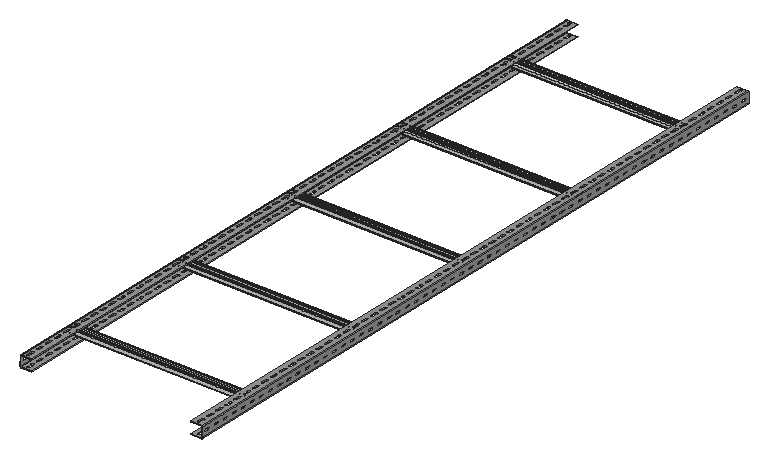
Revit family "steigeleiter_8_FT_FTSO_FTK_A2_A4.800rfa", category Generic Models, Revit 2017 (continued)
Forms (mm)
  Extrusion 306, void
    sketch origin (0, 250, 0) x (0, 1, 0) y (0, 0, 1)
      loop
        line (15.5, 19.5) -> (34.5, 19.5)
        arc (34.5, 19.5) -> (40, 25) -> (34.5, 30.5) r 5.5
        line (34.5, 30.5) -> (15.5, 30.5)
    from 397.5 to 400
  Extrusion 307, void
    sketch origin (0, 300, 0) x (0, 1, 0) y (0, 0, 1)
      loop
        arc (15.5, 30.5) -> (10, 25) -> (15.5, 19.5) r 5.5
        line (15.5, 19.5) -> (34.5, 19.5)
        arc (34.5, 19.5) -> (40, 25) -> (34.5, 30.5) r 5.5
        line (34.5, 30.5) -> (15.5, 30.5)
    from 397.5 to 400
  Extrusion 308, void
    sketch origin (0, 350, 0) x (0, 1, 0) y (0, 0, 1)
      loop
        arc (15.5, 30.5) -> (10, 25) -> (15.5, 19.5) r 5.5
        line (15.5, 19.5) -> (34.5, 19.5)
        arc (34.5, 19.5) -> (40, 25) -> (34.5, 30.5) r 5.5
        line (34.5, 30.5) -> (15.5, 30.5)
    from 397.5 to 400
  Extrusion 309, void
    sketch origin (0, 400, 0) x (0, 1, 0) y (0, 0, 1)
      loop
        arc (15.5, 30.5) -> (10, 25) -> (15.5, 19.5) r 5.5
        line (15.5, 19.5) -> (34.5, 19.5)
        arc (34.5, 19.5) -> (40, 25) -> (34.5, 30.5) r 5.5
        line (34.5, 30.5) -> (15.5, 30.5)
    from 397.5 to 400
  Extrusion 310, void
    sketch origin (0, 450, 0) x (0, 1, 0) y (0, 0, 1)
      loop
        arc (15.5, 30.5) -> (10, 25) -> (15.5, 19.5) r 5.5
        line (15.5, 19.5) -> (34.5, 19.5)
        arc (34.5, 19.5) -> (40, 25) -> (34.5, 30.5) r 5.5
        line (34.5, 30.5) -> (15.5, 30.5)
    from 397.5 to 400
  Extrusion 311, void
    sketch origin (0, 500, 0) x (0, 1, 0) y (0, 0, 1)
      loop
        arc (15.5, 30.5) -> (10, 25) -> (15.5, 19.5) r 5.5
        line (15.5, 19.5) -> (34.5, 19.5)
        arc (34.5, 19.5) -> (40, 25) -> (34.5, 30.5) r 5.5
        line (34.5, 30.5) -> (15.5, 30.5)
    from 397.5 to 400
  Extrusion 312, void
    sketch origin (0, 550, 0) x (0, 1, 0) y (0, 0, 1)
      loop
        arc (15.5, 30.5) -> (10, 25) -> (15.5, 19.5) r 5.5
        line (15.5, 19.5) -> (34.5, 19.5)
        arc (34.5, 19.5) -> (40, 25) -> (34.5, 30.5) r 5.5
        line (34.5, 30.5) -> (15.5, 30.5)
    from 397.5 to 400
  Extrusion 313, void
    sketch origin (0, 600, 0) x (0, 1, 0) y (0, 0, 1)
      loop
        arc (15.5, 30.5) -> (10, 25) -> (15.5, 19.5) r 5.5
        line (15.5, 19.5) -> (34.5, 19.5)
        arc (34.5, 19.5) -> (40, 25) -> (34.5, 30.5) r 5.5
        line (34.5, 30.5) -> (15.5, 30.5)
    from 397.5 to 400
  Extrusion 314, void
    sketch origin (0, 650, 0) x (0, 1, 0) y (0, 0, 1)
      loop
        arc (15.5, 30.5) -> (10, 25) -> (15.5, 19.5) r 5.5
        line (15.5, 19.5) -> (34.5, 19.5)
        arc (34.5, 19.5) -> (40, 25) -> (34.5, 30.5) r 5.5
        line (34.5, 30.5) -> (15.5, 30.5)
    from 397.5 to 400
  Extrusion 315, void
    sketch origin (0, 700, 0) x (0, 1, 0) y (0, 0, 1)
      loop
        arc (15.5, 30.5) -> (10, 25) -> (15.5, 19.5) r 5.5
        line (15.5, 19.5) -> (34.5, 19.5)
        arc (34.5, 19.5) -> (40, 25) -> (34.5, 30.5) r 5.5
        line (34.5, 30.5) -> (15.5, 30.5)
    from 397.5 to 400
  Extrusion 316, void
    sketch origin (0, 750, 0) x (0, 1, 0) y (0, 0, 1)
      loop
        arc (15.5, 30.5) -> (10, 25) -> (15.5, 19.5) r 5.5
        line (15.5, 19.5) -> (34.5, 19.5)
        arc (34.5, 19.5) -> (40, 25) -> (34.5, 30.5) r 5.5
        line (34.5, 30.5) -> (15.5, 30.5)
    from 397.5 to 400
  Extrusion 317, void
    sketch origin (0, 800, 0) x (0, 1, 0) y (0, 0, 1)
      loop
        arc (15.5, 30.5) -> (10, 25) -> (15.5, 19.5) r 5.5
        line (15.5, 19.5) -> (34.5, 19.5)
        arc (34.5, 19.5) -> (40, 25) -> (34.5, 30.5) r 5.5
        line (34.5, 30.5) -> (15.5, 30.5)
    from 397.5 to 400
  Extrusion 318, void
    sketch origin (0, 900, 0) x (0, 1, 0) y (0, 0, 1)
      loop
        arc (15.5, 30.5) -> (10, 25) -> (15.5, 19.5) r 5.5
        line (15.5, 19.5) -> (34.5, 19.5)
        arc (34.5, 19.5) -> (40, 25) -> (34.5, 30.5) r 5.5
        line (34.5, 30.5) -> (15.5, 30.5)
    from 397.5 to 400
  Extrusion 319, void
    sketch origin (0, 950, 0) x (0, 1, 0) y (0, 0, 1)
      loop
        arc (15.5, 30.5) -> (10, 25) -> (15.5, 19.5) r 5.5
        line (15.5, 19.5) -> (34.5, 19.5)
        arc (34.5, 19.5) -> (40, 25) -> (34.5, 30.5) r 5.5
        line (34.5, 30.5) -> (15.5, 30.5)
    from 397.5 to 400
  Extrusion 320, void
    sketch origin (0, 1000, 0) x (0, 1, 0) y (0, 0, 1)
      loop
        arc (15.5, 30.5) -> (10, 25) -> (15.5, 19.5) r 5.5
        line (15.5, 19.5) -> (34.5, 19.5)
        arc (34.5, 19.5) -> (40, 25) -> (34.5, 30.5) r 5.5
        line (34.5, 30.5) -> (15.5, 30.5)
    from 397.5 to 400
  Extrusion 321, void
    sketch origin (0, 1050, 0) x (0, 1, 0) y (0, 0, 1)
      loop
        arc (15.5, 30.5) -> (10, 25) -> (15.5, 19.5) r 5.5
        line (15.5, 19.5) -> (34.5, 19.5)
        arc (34.5, 19.5) -> (40, 25) -> (34.5, 30.5) r 5.5
        line (34.5, 30.5) -> (15.5, 30.5)
    from 397.5 to 400
  Extrusion 322, void
    sketch origin (0, 1100, 0) x (0, 1, 0) y (0, 0, 1)
      loop
        arc (15.5, 30.5) -> (10, 25) -> (15.5, 19.5) r 5.5
        line (15.5, 19.5) -> (34.5, 19.5)
        arc (34.5, 19.5) -> (40, 25) -> (34.5, 30.5) r 5.5
        line (34.5, 30.5) -> (15.5, 30.5)
    from 397.5 to 400
  Extrusion 323, void
    sketch origin (0, 1150, 0) x (0, 1, 0) y (0, 0, 1)
      loop
        arc (15.5, 30.5) -> (10, 25) -> (15.5, 19.5) r 5.5
        line (15.5, 19.5) -> (34.5, 19.5)
        arc (34.5, 19.5) -> (40, 25) -> (34.5, 30.5) r 5.5
        line (34.5, 30.5) -> (15.5, 30.5)
    from 397.5 to 400
  Extrusion 324, void
    sketch origin (0, 1200, 0) x (0, 1, 0) y (0, 0, 1)
      loop
        arc (15.5, 30.5) -> (10, 25) -> (15.5, 19.5) r 5.5
        line (15.5, 19.5) -> (34.5, 19.5)
        arc (34.5, 19.5) -> (40, 25) -> (34.5, 30.5) r 5.5
        line (34.5, 30.5) -> (15.5, 30.5)
    from 397.5 to 400
  Extrusion 325, void
    sketch origin (0, 1250, 0) x (0, 1, 0) y (0, 0, 1)
      loop
        arc (15.5, 30.5) -> (10, 25) -> (15.5, 19.5) r 5.5
        line (15.5, 19.5) -> (34.5, 19.5)
        arc (34.5, 19.5) -> (40, 25) -> (34.5, 30.5) r 5.5
        line (34.5, 30.5) -> (15.5, 30.5)
    from 397.5 to 400
  Extrusion 326, void
    sketch origin (0, 1300, 0) x (0, 1, 0) y (0, 0, 1)
      loop
        arc (15.5, 30.5) -> (10, 25) -> (15.5, 19.5) r 5.5
        line (15.5, 19.5) -> (34.5, 19.5)
        arc (34.5, 19.5) -> (40, 25) -> (34.5, 30.5) r 5.5
        line (34.5, 30.5) -> (15.5, 30.5)
    from 397.5 to 400
  Extrusion 327, void
    sketch origin (0, 1350, 0) x (0, 1, 0) y (0, 0, 1)
      loop
        arc (15.5, 30.5) -> (10, 25) -> (15.5, 19.5) r 5.5
        line (15.5, 19.5) -> (34.5, 19.5)
        arc (34.5, 19.5) -> (40, 25) -> (34.5, 30.5) r 5.5
        line (34.5, 30.5) -> (15.5, 30.5)
    from 397.5 to 400
  Extrusion 328, void
    sketch origin (0, 1400, 0) x (0, 1, 0) y (0, 0, 1)
      loop
        arc (15.5, 30.5) -> (10, 25) -> (15.5, 19.5) r 5.5
        line (15.5, 19.5) -> (34.5, 19.5)
        arc (34.5, 19.5) -> (40, 25) -> (34.5, 30.5) r 5.5
        line (34.5, 30.5) -> (15.5, 30.5)
    from 397.5 to 400
  Extrusion 329, void
    sketch origin (0, 1450, 0) x (0, 1, 0) y (0, 0, 1)
      loop
        arc (15.5, 30.5) -> (10, 25) -> (15.5, 19.5) r 5.5
        line (15.5, 19.5) -> (34.5, 19.5)
        arc (34.5, 19.5) -> (40, 25) -> (34.5, 30.5) r 5.5
        line (34.5, 30.5) -> (15.5, 30.5)
    from 397.5 to 400
  Extrusion 330, void
    sketch origin (0, 1500, 0) x (0, 1, 0) y (0, 0, 1)
      loop
        arc (15.5, 30.5) -> (10, 25) -> (15.5, 19.5) r 5.5
        line (15.5, 19.5) -> (34.5, 19.5)
        arc (34.5, 19.5) -> (40, 25) -> (34.5, 30.5) r 5.5
        line (34.5, 30.5) -> (15.5, 30.5)
    from 397.5 to 400
  Extrusion 331, void
    sketch origin (0, 1550, 0) x (0, 1, 0) y (0, 0, 1)
      loop
        arc (15.5, 30.5) -> (10, 25) -> (15.5, 19.5) r 5.5
        line (15.5, 19.5) -> (34.5, 19.5)
        arc (34.5, 19.5) -> (40, 25) -> (34.5, 30.5) r 5.5
        line (34.5, 30.5) -> (15.5, 30.5)
    from 397.5 to 400
  Extrusion 332, void
    sketch origin (0, 1600, 0) x (0, 1, 0) y (0, 0, 1)
      loop
        arc (15.5, 30.5) -> (10, 25) -> (15.5, 19.5) r 5.5
        line (15.5, 19.5) -> (34.5, 19.5)
        arc (34.5, 19.5) -> (40, 25) -> (34.5, 30.5) r 5.5
        line (34.5, 30.5) -> (15.5, 30.5)
    from 397.5 to 400
  Extrusion 333, void
    sketch origin (0, 1650, 0) x (0, 1, 0) y (0, 0, 1)
      loop
        arc (15.5, 30.5) -> (10, 25) -> (15.5, 19.5) r 5.5
        line (15.5, 19.5) -> (34.5, 19.5)
        arc (34.5, 19.5) -> (40, 25) -> (34.5, 30.5) r 5.5
        line (34.5, 30.5) -> (15.5, 30.5)
    from 397.5 to 400
  Extrusion 334, void
    sketch origin (0, 1700, 0) x (0, 1, 0) y (0, 0, 1)
      loop
        arc (15.5, 30.5) -> (10, 25) -> (15.5, 19.5) r 5.5
        line (15.5, 19.5) -> (34.5, 19.5)
        arc (34.5, 19.5) -> (40, 25) -> (34.5, 30.5) r 5.5
        line (34.5, 30.5) -> (15.5, 30.5)
    from 397.5 to 400
  Extrusion 335, void
    sketch origin (0, 1750, 0) x (0, 1, 0) y (0, 0, 1)
      loop
        arc (15.5, 30.5) -> (10, 25) -> (15.5, 19.5) r 5.5
        line (15.5, 19.5) -> (34.5, 19.5)
        arc (34.5, 19.5) -> (40, 25) -> (34.5, 30.5) r 5.5
        line (34.5, 30.5) -> (15.5, 30.5)
    from 397.5 to 400
  Extrusion 336, void
    sketch origin (0, 1800, 0) x (0, 1, 0) y (0, 0, 1)
      loop
        arc (15.5, 30.5) -> (10, 25) -> (15.5, 19.5) r 5.5
        line (15.5, 19.5) -> (34.5, 19.5)
        arc (34.5, 19.5) -> (40, 25) -> (34.5, 30.5) r 5.5
        line (34.5, 30.5) -> (15.5, 30.5)
    from 397.5 to 400
  Extrusion 337, void
    sketch origin (0, 1850, 0) x (0, 1, 0) y (0, 0, 1)
      loop
        arc (15.5, 30.5) -> (10, 25) -> (15.5, 19.5) r 5.5
        line (15.5, 19.5) -> (34.5, 19.5)
        arc (34.5, 19.5) -> (40, 25) -> (34.5, 30.5) r 5.5
        line (34.5, 30.5) -> (15.5, 30.5)
    from 397.5 to 400
  Extrusion 338, void
    sketch origin (0, 1900, 0) x (0, 1, 0) y (0, 0, 1)
      loop
        arc (15.5, 30.5) -> (10, 25) -> (15.5, 19.5) r 5.5
        line (15.5, 19.5) -> (34.5, 19.5)
        arc (34.5, 19.5) -> (40, 25) -> (34.5, 30.5) r 5.5
        line (34.5, 30.5) -> (15.5, 30.5)
    from 397.5 to 400
  Extrusion 339, void
    sketch origin (0, 1950, 0) x (0, 1, 0) y (0, 0, 1)
      loop
        arc (15.5, 30.5) -> (10, 25) -> (15.5, 19.5) r 5.5
        line (15.5, 19.5) -> (34.5, 19.5)
        arc (34.5, 19.5) -> (40, 25) -> (34.5, 30.5) r 5.5
        line (34.5, 30.5) -> (15.5, 30.5)
    from 397.5 to 400
  Extrusion 340, void
    sketch origin (0, 2000, 0) x (0, 1, 0) y (0, 0, 1)
      loop
        arc (15.5, 30.5) -> (10, 25) -> (15.5, 19.5) r 5.5
        line (15.5, 19.5) -> (34.5, 19.5)
        arc (34.5, 19.5) -> (40, 25) -> (34.5, 30.5) r 5.5
        line (34.5, 30.5) -> (15.5, 30.5)
    from 397.5 to 400
  Extrusion 341, void
    sketch origin (0, 2050, 0) x (0, 1, 0) y (0, 0, 1)
      loop
        arc (15.5, 30.5) -> (10, 25) -> (15.5, 19.5) r 5.5
        line (15.5, 19.5) -> (34.5, 19.5)
        arc (34.5, 19.5) -> (40, 25) -> (34.5, 30.5) r 5.5
        line (34.5, 30.5) -> (15.5, 30.5)
    from 397.5 to 400
  Extrusion 342, void
    sketch origin (0, 2100, 0) x (0, 1, 0) y (0, 0, 1)
      loop
        arc (15.5, 30.5) -> (10, 25) -> (15.5, 19.5) r 5.5
        line (15.5, 19.5) -> (34.5, 19.5)
        arc (34.5, 19.5) -> (40, 25) -> (34.5, 30.5) r 5.5
        line (34.5, 30.5) -> (15.5, 30.5)
    from 397.5 to 400
  Extrusion 343, void
    sketch origin (0, 2150, 0) x (0, 1, 0) y (0, 0, 1)
      loop
        arc (15.5, 30.5) -> (10, 25) -> (15.5, 19.5) r 5.5
        line (15.5, 19.5) -> (34.5, 19.5)
        arc (34.5, 19.5) -> (40, 25) -> (34.5, 30.5) r 5.5
        line (34.5, 30.5) -> (15.5, 30.5)
    from 397.5 to 400
  Extrusion 344, void
    sketch origin (0, 2200, 0) x (0, 1, 0) y (0, 0, 1)
      loop
        arc (15.5, 30.5) -> (10, 25) -> (15.5, 19.5) r 5.5
        line (15.5, 19.5) -> (34.5, 19.5)
        arc (34.5, 19.5) -> (40, 25) -> (34.5, 30.5) r 5.5
        line (34.5, 30.5) -> (15.5, 30.5)
    from 397.5 to 400
  Extrusion 345, void
    sketch origin (0, 2250, 0) x (0, 1, 0) y (0, 0, 1)
      loop
        arc (15.5, 30.5) -> (10, 25) -> (15.5, 19.5) r 5.5
        line (15.5, 19.5) -> (34.5, 19.5)
        arc (34.5, 19.5) -> (40, 25) -> (34.5, 30.5) r 5.5
        line (34.5, 30.5) -> (15.5, 30.5)
    from 397.5 to 400
  Extrusion 346, void
    sketch origin (0, 2300, 0) x (0, 1, 0) y (0, 0, 1)
      loop
        arc (15.5, 30.5) -> (10, 25) -> (15.5, 19.5) r 5.5
        line (15.5, 19.5) -> (34.5, 19.5)
        arc (34.5, 19.5) -> (40, 25) -> (34.5, 30.5) r 5.5
        line (34.5, 30.5) -> (15.5, 30.5)
    from 397.5 to 400
  Extrusion 347, void
    sketch origin (0, 2350, 0) x (0, 1, 0) y (0, 0, 1)
      loop
        arc (15.5, 30.5) -> (10, 25) -> (15.5, 19.5) r 5.5
        line (15.5, 19.5) -> (34.5, 19.5)
        arc (34.5, 19.5) -> (40, 25) -> (34.5, 30.5) r 5.5
        line (34.5, 30.5) -> (15.5, 30.5)
    from 397.5 to 400
  Extrusion 348, void
    sketch origin (0, 2400, 0) x (0, 1, 0) y (0, 0, 1)
      loop
        arc (15.5, 30.5) -> (10, 25) -> (15.5, 19.5) r 5.5
        line (15.5, 19.5) -> (34.5, 19.5)
        arc (34.5, 19.5) -> (40, 25) -> (34.5, 30.5) r 5.5
        line (34.5, 30.5) -> (15.5, 30.5)
    from 397.5 to 400
  Extrusion 349, void
    sketch origin (0, 2450, 0) x (0, 1, 0) y (0, 0, 1)
      loop
        arc (15.5, 30.5) -> (10, 25) -> (15.5, 19.5) r 5.5
        line (15.5, 19.5) -> (34.5, 19.5)
        arc (34.5, 19.5) -> (40, 25) -> (34.5, 30.5) r 5.5
        line (34.5, 30.5) -> (15.5, 30.5)
    from 397.5 to 400
  Extrusion 350, void
    sketch origin (0, 2500, 0) x (0, 1, 0) y (0, 0, 1)
      loop
        arc (15.5, 30.5) -> (10, 25) -> (15.5, 19.5) r 5.5
        line (15.5, 19.5) -> (34.5, 19.5)
        arc (34.5, 19.5) -> (40, 25) -> (34.5, 30.5) r 5.5
        line (34.5, 30.5) -> (15.5, 30.5)
    from 397.5 to 400
  Extrusion 351, void
    sketch origin (0, 2550, 0) x (0, 1, 0) y (0, 0, 1)
      loop
        arc (15.5, 30.5) -> (10, 25) -> (15.5, 19.5) r 5.5
        line (15.5, 19.5) -> (34.5, 19.5)
        arc (34.5, 19.5) -> (40, 25) -> (34.5, 30.5) r 5.5
        line (34.5, 30.5) -> (15.5, 30.5)
    from 397.5 to 400
  Extrusion 352, void
    sketch origin (0, 2600, 0) x (0, 1, 0) y (0, 0, 1)
      loop
        arc (15.5, 30.5) -> (10, 25) -> (15.5, 19.5) r 5.5
        line (15.5, 19.5) -> (34.5, 19.5)
        arc (34.5, 19.5) -> (40, 25) -> (34.5, 30.5) r 5.5
        line (34.5, 30.5) -> (15.5, 30.5)
    from 397.5 to 400
  Extrusion 353, void
    sketch origin (0, 2650, 0) x (0, 1, 0) y (0, 0, 1)
      loop
        arc (15.5, 30.5) -> (10, 25) -> (15.5, 19.5) r 5.5
        line (15.5, 19.5) -> (34.5, 19.5)
        arc (34.5, 19.5) -> (40, 25) -> (34.5, 30.5) r 5.5
        line (34.5, 30.5) -> (15.5, 30.5)
    from 397.5 to 400
  Extrusion 354, void
    sketch origin (0, 2700, 0) x (0, 1, 0) y (0, 0, 1)
      loop
        arc (15.5, 30.5) -> (10, 25) -> (15.5, 19.5) r 5.5
        line (15.5, 19.5) -> (34.5, 19.5)
        arc (34.5, 19.5) -> (40, 25) -> (34.5, 30.5) r 5.5
        line (34.5, 30.5) -> (15.5, 30.5)
    from 397.5 to 400
  Extrusion 355, void
    sketch origin (0, 2750, 0) x (0, 1, 0) y (0, 0, 1)
      loop
        arc (15.5, 30.5) -> (10, 25) -> (15.5, 19.5) r 5.5
        line (15.5, 19.5) -> (34.5, 19.5)
        arc (34.5, 19.5) -> (40, 25) -> (34.5, 30.5) r 5.5
        line (34.5, 30.5) -> (15.5, 30.5)
    from 397.5 to 400
  Extrusion 356, void
    sketch origin (0, 2800, 0) x (0, 1, 0) y (0, 0, 1)
      loop
        arc (15.5, 30.5) -> (10, 25) -> (15.5, 19.5) r 5.5
        line (15.5, 19.5) -> (34.5, 19.5)
        arc (34.5, 19.5) -> (40, 25) -> (34.5, 30.5) r 5.5
        line (34.5, 30.5) -> (15.5, 30.5)
    from 397.5 to 400
  Extrusion 357, void
    sketch origin (0, 2850, 0) x (0, 1, 0) y (0, 0, 1)
      loop
        arc (15.5, 30.5) -> (10, 25) -> (15.5, 19.5) r 5.5
        line (15.5, 19.5) -> (34.5, 19.5)
        arc (34.5, 19.5) -> (40, 25) -> (34.5, 30.5) r 5.5
        line (34.5, 30.5) -> (15.5, 30.5)
    from 397.5 to 400
  Extrusion 358, void
    sketch origin (0, 2900, 0) x (0, 1, 0) y (0, 0, 1)
      loop
        arc (15.5, 30.5) -> (10, 25) -> (15.5, 19.5) r 5.5
        line (15.5, 19.5) -> (34.5, 19.5)
        arc (34.5, 19.5) -> (40, 25) -> (34.5, 30.5) r 5.5
        line (34.5, 30.5) -> (15.5, 30.5)
    from 397.5 to 400
  Extrusion 359, void
    sketch origin (0, 2950, 0) x (0, 1, 0) y (0, 0, 1)
      loop
        arc (15.5, 30.5) -> (10, 25) -> (15.5, 19.5) r 5.5
        line (15.5, 19.5) -> (34.5, 19.5)
        arc (34.5, 19.5) -> (40, 25) -> (34.5, 30.5) r 5.5
        line (34.5, 30.5) -> (15.5, 30.5)
    from 397.5 to 400
  Extrusion 360, void
    sketch origin (0, 0, 0) x (0, 1, 0) y (0, 0, 1)
      loop
        arc (15.5, 30.5) -> (10, 25) -> (15.5, 19.5) r 5.5
        line (15.5, 19.5) -> (34.5, 19.5)
        arc (34.5, 19.5) -> (40, 25) -> (34.5, 30.5) r 5.5
        line (34.5, 30.5) -> (15.5, 30.5)
    from 397.5 to 400
  Extrusion 361, solid
    sketch origin (0, 0, 0) x (0, 1, 0) y (0, 0, 1)
      loop
        arc (255.5, 43.5) -> (256.086, 44.914) -> (257.5, 45.5) r 2
        line (257.5, 45.5) -> (261.456, 45.5)
        arc (261.456, 45.5) -> (262.194, 45.194) -> (262.5, 44.456) r 1.044
        line (262.5, 44.456) -> (262.5, 42) -> (264.5, 42) -> (264.5, 44.456)
        arc (264.5, 44.456) -> (263.608, 46.608) -> (261.456, 47.5) r 3.044
        line (261.456, 47.5) -> (257.5, 47.5)
        arc (257.5, 47.5) -> (254.672, 46.328) -> (253.5, 43.5) r 4
        line (253.5, 43.5) -> (253.5, 29.002)
        arc (253.5, 29.002) -> (254.672, 26.172) -> (257.502, 25) r 4.002
        line (257.502, 25) -> (289.485, 25)
        arc (289.485, 25) -> (292.324, 26.176) -> (293.5, 29.015) r 4.015
        line (293.5, 29.015) -> (293.5, 43.5)
        arc (293.5, 43.5) -> (292.328, 46.328) -> (289.5, 47.5) r 4
        line (289.5, 47.5) -> (285.5, 47.5)
        arc (285.5, 47.5) -> (283.379, 46.621) -> (282.5, 44.5) r 3
        line (282.5, 44.5) -> (282.5, 42) -> (284.5, 42) -> (284.5, 44.5)
        arc (284.5, 44.5) -> (284.793, 45.207) -> (285.5, 45.5) r 1
        line (285.5, 45.5) -> (289.5, 45.5)
        arc (289.5, 45.5) -> (290.914, 44.914) -> (291.5, 43.5) r 2
        line (291.5, 43.5) -> (291.5, 29.015)
        arc (291.5, 29.015) -> (290.91, 27.59) -> (289.485, 27) r 2.015
        line (289.485, 27) -> (257.502, 27)
        arc (257.502, 27) -> (256.086, 27.586) -> (255.5, 29.002) r 2.002
        line (255.5, 29.002) -> (255.5, 43.5)
    from -397.5 to 397.5
  Extrusion 362, solid
    sketch origin (0, 600, 0) x (0, 1, 0) y (0, 0, 1)
      loop
        arc (255.5, 43.5) -> (256.086, 44.914) -> (257.5, 45.5) r 2
        line (257.5, 45.5) -> (261.456, 45.5)
        arc (261.456, 45.5) -> (262.194, 45.194) -> (262.5, 44.456) r 1.044
        line (262.5, 44.456) -> (262.5, 42) -> (264.5, 42) -> (264.5, 44.456)
        arc (264.5, 44.456) -> (263.608, 46.608) -> (261.456, 47.5) r 3.044
        line (261.456, 47.5) -> (257.5, 47.5)
        arc (257.5, 47.5) -> (254.672, 46.328) -> (253.5, 43.5) r 4
        line (253.5, 43.5) -> (253.5, 29.002)
        arc (253.5, 29.002) -> (254.672, 26.172) -> (257.502, 25) r 4.002
        line (257.502, 25) -> (289.485, 25)
        arc (289.485, 25) -> (292.324, 26.176) -> (293.5, 29.015) r 4.015
        line (293.5, 29.015) -> (293.5, 43.5)
        arc (293.5, 43.5) -> (292.328, 46.328) -> (289.5, 47.5) r 4
        line (289.5, 47.5) -> (285.5, 47.5)
        arc (285.5, 47.5) -> (283.379, 46.621) -> (282.5, 44.5) r 3
        line (282.5, 44.5) -> (282.5, 42) -> (284.5, 42) -> (284.5, 44.5)
        arc (284.5, 44.5) -> (284.793, 45.207) -> (285.5, 45.5) r 1
        line (285.5, 45.5) -> (289.5, 45.5)
        arc (289.5, 45.5) -> (290.914, 44.914) -> (291.5, 43.5) r 2
        line (291.5, 43.5) -> (291.5, 29.015)
        arc (291.5, 29.015) -> (290.91, 27.59) -> (289.485, 27) r 2.015
        line (289.485, 27) -> (257.502, 27)
        arc (257.502, 27) -> (256.086, 27.586) -> (255.5, 29.002) r 2.002
        line (255.5, 29.002) -> (255.5, 43.5)
    from -397.5 to 397.5
  Extrusion 363, solid
    sketch origin (0, 1200, 0) x (0, 1, 0) y (0, 0, 1)
      loop
        arc (255.5, 43.5) -> (256.086, 44.914) -> (257.5, 45.5) r 2
        line (257.5, 45.5) -> (261.456, 45.5)
        arc (261.456, 45.5) -> (262.194, 45.194) -> (262.5, 44.456) r 1.044
        line (262.5, 44.456) -> (262.5, 42) -> (264.5, 42) -> (264.5, 44.456)
        arc (264.5, 44.456) -> (263.608, 46.608) -> (261.456, 47.5) r 3.044
        line (261.456, 47.5) -> (257.5, 47.5)
        arc (257.5, 47.5) -> (254.672, 46.328) -> (253.5, 43.5) r 4
        line (253.5, 43.5) -> (253.5, 29.002)
        arc (253.5, 29.002) -> (254.672, 26.172) -> (257.502, 25) r 4.002
        line (257.502, 25) -> (289.485, 25)
        arc (289.485, 25) -> (292.324, 26.176) -> (293.5, 29.015) r 4.015
        line (293.5, 29.015) -> (293.5, 43.5)
        arc (293.5, 43.5) -> (292.328, 46.328) -> (289.5, 47.5) r 4
        line (289.5, 47.5) -> (285.5, 47.5)
        arc (285.5, 47.5) -> (283.379, 46.621) -> (282.5, 44.5) r 3
        line (282.5, 44.5) -> (282.5, 42) -> (284.5, 42) -> (284.5, 44.5)
        arc (284.5, 44.5) -> (284.793, 45.207) -> (285.5, 45.5) r 1
        line (285.5, 45.5) -> (289.5, 45.5)
        arc (289.5, 45.5) -> (290.914, 44.914) -> (291.5, 43.5) r 2
        line (291.5, 43.5) -> (291.5, 29.015)
        arc (291.5, 29.015) -> (290.91, 27.59) -> (289.485, 27) r 2.015
        line (289.485, 27) -> (257.502, 27)
        arc (257.502, 27) -> (256.086, 27.586) -> (255.5, 29.002) r 2.002
        line (255.5, 29.002) -> (255.5, 43.5)
    from -397.5 to 397.5
  Extrusion 364, solid
    sketch origin (0, 1800, 0) x (0, 1, 0) y (0, 0, 1)
      loop
        arc (255.5, 43.5) -> (256.086, 44.914) -> (257.5, 45.5) r 2
        line (257.5, 45.5) -> (261.456, 45.5)
        arc (261.456, 45.5) -> (262.194, 45.194) -> (262.5, 44.456) r 1.044
        line (262.5, 44.456) -> (262.5, 42) -> (264.5, 42) -> (264.5, 44.456)
        arc (264.5, 44.456) -> (263.608, 46.608) -> (261.456, 47.5) r 3.044
        line (261.456, 47.5) -> (257.5, 47.5)
        arc (257.5, 47.5) -> (254.672, 46.328) -> (253.5, 43.5) r 4
        line (253.5, 43.5) -> (253.5, 29.002)
        arc (253.5, 29.002) -> (254.672, 26.172) -> (257.502, 25) r 4.002
        line (257.502, 25) -> (289.485, 25)
        arc (289.485, 25) -> (292.324, 26.176) -> (293.5, 29.015) r 4.015
        line (293.5, 29.015) -> (293.5, 43.5)
        arc (293.5, 43.5) -> (292.328, 46.328) -> (289.5, 47.5) r 4
        line (289.5, 47.5) -> (285.5, 47.5)
        arc (285.5, 47.5) -> (283.379, 46.621) -> (282.5, 44.5) r 3
        line (282.5, 44.5) -> (282.5, 42) -> (284.5, 42) -> (284.5, 44.5)
        arc (284.5, 44.5) -> (284.793, 45.207) -> (285.5, 45.5) r 1
        line (285.5, 45.5) -> (289.5, 45.5)
        arc (289.5, 45.5) -> (290.914, 44.914) -> (291.5, 43.5) r 2
        line (291.5, 43.5) -> (291.5, 29.015)
        arc (291.5, 29.015) -> (290.91, 27.59) -> (289.485, 27) r 2.015
        line (289.485, 27) -> (257.502, 27)
        arc (257.502, 27) -> (256.086, 27.586) -> (255.5, 29.002) r 2.002
        line (255.5, 29.002) -> (255.5, 43.5)
    from -397.5 to 397.5
  Extrusion 365, solid
    sketch origin (0, 2400, 0) x (0, 1, 0) y (0, 0, 1)
      loop
        arc (255.5, 43.5) -> (256.086, 44.914) -> (257.5, 45.5) r 2
        line (257.5, 45.5) -> (261.456, 45.5)
        arc (261.456, 45.5) -> (262.194, 45.194) -> (262.5, 44.456) r 1.044
        line (262.5, 44.456) -> (262.5, 42) -> (264.5, 42) -> (264.5, 44.456)
        arc (264.5, 44.456) -> (263.608, 46.608) -> (261.456, 47.5) r 3.044
        line (261.456, 47.5) -> (257.5, 47.5)
        arc (257.5, 47.5) -> (254.672, 46.328) -> (253.5, 43.5) r 4
        line (253.5, 43.5) -> (253.5, 29.002)
        arc (253.5, 29.002) -> (254.672, 26.172) -> (257.502, 25) r 4.002
        line (257.502, 25) -> (289.485, 25)
        arc (289.485, 25) -> (292.324, 26.176) -> (293.5, 29.015) r 4.015
        line (293.5, 29.015) -> (293.5, 43.5)
        arc (293.5, 43.5) -> (292.328, 46.328) -> (289.5, 47.5) r 4
        line (289.5, 47.5) -> (285.5, 47.5)
        arc (285.5, 47.5) -> (283.379, 46.621) -> (282.5, 44.5) r 3
        line (282.5, 44.5) -> (282.5, 42) -> (284.5, 42) -> (284.5, 44.5)
        arc (284.5, 44.5) -> (284.793, 45.207) -> (285.5, 45.5) r 1
        line (285.5, 45.5) -> (289.5, 45.5)
        arc (289.5, 45.5) -> (290.914, 44.914) -> (291.5, 43.5) r 2
        line (291.5, 43.5) -> (291.5, 29.015)
        arc (291.5, 29.015) -> (290.91, 27.59) -> (289.485, 27) r 2.015
        line (289.485, 27) -> (257.502, 27)
        arc (257.502, 27) -> (256.086, 27.586) -> (255.5, 29.002) r 2.002
        line (255.5, 29.002) -> (255.5, 43.5)
    from -397.5 to 397.5
  Extrusion 366, void
    sketch origin (0, 850, 0) x (0, 1, 0) y (0, 0, 1)
      loop
        arc (15.5, 30.5) -> (10, 25) -> (15.5, 19.5) r 5.5
        line (15.5, 19.5) -> (34.5, 19.5)
        arc (34.5, 19.5) -> (40, 25) -> (34.5, 30.5) r 5.5
        line (34.5, 30.5) -> (15.5, 30.5)
    from 397.5 to 400
Cuts and joins
  Extrusion 2, Extrusion 3, Extrusion 4, Extrusion 5, Extrusion 6, Extrusion 7, Extrusion 8, Extrusion 9, Extrusion 10, Extrusion 11, Extrusion 12, Extrusion 13, Extrusion 14, Extrusion 15, Extrusion 16, Extrusion 17, Extrusion 18, Extrusion 19, Extrusion 20, Extrusion 21, Extrusion 22, Extrusion 23, Extrusion 24, Extrusion 25, Extrusion 26, Extrusion 27, Extrusion 28, Extrusion 29, Extrusion 30, Extrusion 31, Extrusion 32, Extrusion 33, Extrusion 34, Extrusion 35, Extrusion 36, Extrusion 37, Extrusion 38, Extrusion 39, Extrusion 40, Extrusion 41, Extrusion 42, Extrusion 43, Extrusion 44, Extrusion 45, Extrusion 46, Extrusion 47, Extrusion 48, Extrusion 49, Extrusion 50, Extrusion 51, Extrusion 52, Extrusion 53, Extrusion 54, Extrusion 55, Extrusion 56, Extrusion 57, Extrusion 58, Extrusion 59, Extrusion 60, Extrusion 61, Extrusion 62, Extrusion 63, Extrusion 64, Extrusion 65, Extrusion 66, Extrusion 67, Extrusion 68, Extrusion 69, Extrusion 70, Extrusion 71, Extrusion 72, Extrusion 73, Extrusion 74, Extrusion 75, Extrusion 76, Extrusion 77, Extrusion 78, Extrusion 79, Extrusion 80, Extrusion 81, Extrusion 82, Extrusion 83, Extrusion 84, Extrusion 85, Extrusion 86, Extrusion 87, Extrusion 88, Extrusion 89, Extrusion 90, Extrusion 91, Extrusion 92, Extrusion 93, Extrusion 94, Extrusion 95, Extrusion 96, Extrusion 97, Extrusion 98, Extrusion 99, Extrusion 100, Extrusion 101, Extrusion 102, Extrusion 103, Extrusion 104, Extrusion 105, Extrusion 106, Extrusion 107, Extrusion 108, Extrusion 109, Extrusion 110, Extrusion 111, Extrusion 112, Extrusion 113, Extrusion 114, Extrusion 115, Extrusion 116, Extrusion 117, Extrusion 118, Extrusion 119, Extrusion 120, Extrusion 121, Extrusion 122, Extrusion 123, Extrusion 124, Extrusion 125, Extrusion 126, Extrusion 127, Extrusion 128, Extrusion 129, Extrusion 130, Extrusion 131, Extrusion 132, Extrusion 133, Extrusion 134, Extrusion 135, Extrusion 136, Extrusion 137, Extrusion 138, Extrusion 139, Extrusion 140, Extrusion 141, Extrusion 142, Extrusion 143, Extrusion 144, Extrusion 145, Extrusion 146, Extrusion 147, Extrusion 148, Extrusion 149, Extrusion 150, Extrusion 151, Extrusion 152, Extrusion 153, Extrusion 154, Extrusion 155, Extrusion 156, Extrusion 157, Extrusion 158, Extrusion 159, Extrusion 160, Extrusion 161, Extrusion 162, Extrusion 163, Extrusion 164, Extrusion 165, Extrusion 166, Extrusion 167, Extrusion 168, Extrusion 169, Extrusion 170, Extrusion 171, Extrusion 172, Extrusion 173, Extrusion 174, Extrusion 175, Extrusion 176, Extrusion 177, Extrusion 178, Extrusion 179, Extrusion 180, Extrusion 181, Extrusion 182, Extrusion 183, Extrusion 184, Extrusion 185, Extrusion 186, Extrusion 187, Extrusion 188, Extrusion 189, Extrusion 190, Extrusion 191, Extrusion 192, Extrusion 193, Extrusion 194, Extrusion 195, Extrusion 196, Extrusion 197, Extrusion 198, Extrusion 199, Extrusion 200, Extrusion 201, Extrusion 202, Extrusion 203, Extrusion 204, Extrusion 205, Extrusion 206, Extrusion 207, Extrusion 208, Extrusion 209, Extrusion 210, Extrusion 211, Extrusion 212, Extrusion 213, Extrusion 214, Extrusion 215, Extrusion 216, Extrusion 217, Extrusion 218, Extrusion 219, Extrusion 220, Extrusion 221, Extrusion 222, Extrusion 223, Extrusion 224, Extrusion 225, Extrusion 226, Extrusion 227, Extrusion 228, Extrusion 229, Extrusion 230, Extrusion 231, Extrusion 232, Extrusion 233, Extrusion 234, Extrusion 235, Extrusion 236, Extrusion 237, Extrusion 238, Extrusion 239, Extrusion 240, Extrusion 241, Extrusion 242, Extrusion 243, Extrusion 244, Extrusion 245, Extrusion 246, Extrusion 247, Extrusion 248, Extrusion 249, Extrusion 250, Extrusion 251, Extrusion 252, Extrusion 253, Extrusion 254, Extrusion 255, Extrusion 256, Extrusion 257, Extrusion 258, Extrusion 259, Extrusion 260, Extrusion 261, Extrusion 262, Extrusion 263, Extrusion 264, Extrusion 265, Extrusion 266, Extrusion 267, Extrusion 268, Extrusion 269, Extrusion 270, Extrusion 271, Extrusion 272, Extrusion 273, Extrusion 274, Extrusion 275, Extrusion 276, Extrusion 277, Extrusion 278, Extrusion 279, Extrusion 280, Extrusion 281, Extrusion 282, Extrusion 283, Extrusion 284, Extrusion 285, Extrusion 286, Extrusion 287, Extrusion 288, Extrusion 289, Extrusion 290, Extrusion 291, Extrusion 292, Extrusion 293, Extrusion 294, Extrusion 295, Extrusion 296, Extrusion 297, Extrusion 298, Extrusion 299, Extrusion 300, Extrusion 301, Extrusion 302, Extrusion 303, Extrusion 304, Extrusion 305, Extrusion 306, Extrusion 307, Extrusion 308, Extrusion 309, Extrusion 310, Extrusion 311, Extrusion 312, Extrusion 313, Extrusion 314, Extrusion 315, Extrusion 316, Extrusion 317, Extrusion 318, Extrusion 319, Extrusion 320, Extrusion 321, Extrusion 322, Extrusion 323, Extrusion 324, Extrusion 325, Extrusion 326, Extrusion 327, Extrusion 328, Extrusion 329, Extrusion 330, Extrusion 331, Extrusion 332, Extrusion 333, Extrusion 334, Extrusion 335, Extrusion 336, Extrusion 337, Extrusion 338, Extrusion 339, Extrusion 340, Extrusion 341, Extrusion 342, Extrusion 343, Extrusion 344, Extrusion 345, Extrusion 346, Extrusion 347, Extrusion 348, Extrusion 349, Extrusion 350, Extrusion 351, Extrusion 352, Extrusion 353, Extrusion 354, Extrusion 355, Extrusion 356, Extrusion 357, Extrusion 358, Extrusion 359, Extrusion 360, Extrusion 366 cuts Extrusion 1
Dimensions and locks
  locked: Extrusion 1 sketch curve to Extrusion 1 sketch curve at 2.5  (x6)
  Extrusion 1 sketch curve to Extrusion 1 sketch curve = 2.5 mm  (x3)
  locked: level to Extrusion 1 at 2.5
  "Length": plane 5 to plane 1 "Center (Front/Back)"
  locked: Extrusion 1 sketch curve to Extrusion 1 sketch curve at 50  (x6)
  Extrusion 1 sketch curve to Extrusion 1 sketch curve = 50 mm
  "Width": Extrusion 1 to Extrusion 1
  "Width 1": Extrusion 1 to plane 3 "Center (Left/Right)"
  locked: Extrusion 2 sketch curve to Extrusion 2 sketch curve at 11
  locked: Extrusion 3 sketch curve to Extrusion 3 sketch curve at 11
  equal spacing: group 1, group 2, group 3, group 4, group 5, group 6, group 7, group 8, group 9, group 10, group 11, group 12, group 13, group 14, group 15, group 16, group 17, group 18, group 19, group 20, group 21, group 22, group 23, group 24, group 25, group 26, group 27, group 28, group 29, group 30, group 31, group 32, group 33, group 34, group 35, group 36, group 37, group 38, group 39, group 40, group 41, group 42, group 43, group 44, group 45, group 46, group 47, group 48, group 49, group 50, group 51, group 52, group 53, group 54, group 55, group 56, group 57, group 58, group 59, group 60  (x3)
  locked: Extrusion 4 sketch curve to Extrusion 4 sketch curve at 11
  locked: Extrusion 5 sketch curve to Extrusion 5 sketch curve at 11
  locked: Extrusion 6 sketch curve to Extrusion 6 sketch curve at 11
  locked: Extrusion 7 sketch curve to Extrusion 7 sketch curve at 11
  locked: Extrusion 8 sketch curve to Extrusion 8 sketch curve at 11
  locked: Extrusion 9 sketch curve to Extrusion 9 sketch curve at 11
  locked: Extrusion 10 sketch curve to Extrusion 10 sketch curve at 11
  locked: Extrusion 11 sketch curve to Extrusion 11 sketch curve at 11
  locked: Extrusion 12 sketch curve to Extrusion 12 sketch curve at 11
  locked: Extrusion 13 sketch curve to Extrusion 13 sketch curve at 11
  locked: Extrusion 14 sketch curve to Extrusion 14 sketch curve at 11
  locked: Extrusion 15 sketch curve to Extrusion 15 sketch curve at 11
  locked: Extrusion 16 sketch curve to Extrusion 16 sketch curve at 11
  locked: Extrusion 17 sketch curve to Extrusion 17 sketch curve at 11
  locked: Extrusion 18 sketch curve to Extrusion 18 sketch curve at 11
  locked: Extrusion 19 sketch curve to Extrusion 19 sketch curve at 11
  locked: Extrusion 20 sketch curve to Extrusion 20 sketch curve at 11
  locked: Extrusion 21 sketch curve to Extrusion 21 sketch curve at 11
  locked: Extrusion 22 sketch curve to Extrusion 22 sketch curve at 11
  locked: Extrusion 23 sketch curve to Extrusion 23 sketch curve at 11
  locked: Extrusion 24 sketch curve to Extrusion 24 sketch curve at 11
  locked: Extrusion 25 sketch curve to Extrusion 25 sketch curve at 11
  locked: Extrusion 26 sketch curve to Extrusion 26 sketch curve at 11
  locked: Extrusion 27 sketch curve to Extrusion 27 sketch curve at 11
  locked: Extrusion 28 sketch curve to Extrusion 28 sketch curve at 11
  locked: Extrusion 29 sketch curve to Extrusion 29 sketch curve at 11
  locked: Extrusion 30 sketch curve to Extrusion 30 sketch curve at 11
  locked: Extrusion 31 sketch curve to Extrusion 31 sketch curve at 11
  locked: Extrusion 32 sketch curve to Extrusion 32 sketch curve at 11
  locked: Extrusion 33 sketch curve to Extrusion 33 sketch curve at 11
  locked: Extrusion 34 sketch curve to Extrusion 34 sketch curve at 11
  locked: Extrusion 35 sketch curve to Extrusion 35 sketch curve at 11
  locked: Extrusion 36 sketch curve to Extrusion 36 sketch curve at 11
  locked: Extrusion 37 sketch curve to Extrusion 37 sketch curve at 11
  locked: Extrusion 38 sketch curve to Extrusion 38 sketch curve at 11
  locked: Extrusion 39 sketch curve to Extrusion 39 sketch curve at 11
  locked: Extrusion 40 sketch curve to Extrusion 40 sketch curve at 11
  locked: Extrusion 41 sketch curve to Extrusion 41 sketch curve at 11
  locked: Extrusion 42 sketch curve to Extrusion 42 sketch curve at 11
  locked: Extrusion 43 sketch curve to Extrusion 43 sketch curve at 11
  locked: Extrusion 44 sketch curve to Extrusion 44 sketch curve at 11
  locked: Extrusion 45 sketch curve to Extrusion 45 sketch curve at 11
  locked: Extrusion 46 sketch curve to Extrusion 46 sketch curve at 11
  locked: Extrusion 47 sketch curve to Extrusion 47 sketch curve at 11
  locked: Extrusion 48 sketch curve to Extrusion 48 sketch curve at 11
  locked: Extrusion 49 sketch curve to Extrusion 49 sketch curve at 11
  locked: Extrusion 50 sketch curve to Extrusion 50 sketch curve at 11
  locked: Extrusion 51 sketch curve to Extrusion 51 sketch curve at 11
  locked: Extrusion 52 sketch curve to Extrusion 52 sketch curve at 11
  locked: Extrusion 53 sketch curve to Extrusion 53 sketch curve at 11
  locked: Extrusion 54 sketch curve to Extrusion 54 sketch curve at 11
  locked: Extrusion 55 sketch curve to Extrusion 55 sketch curve at 11
  locked: Extrusion 56 sketch curve to Extrusion 56 sketch curve at 11
  locked: Extrusion 57 sketch curve to Extrusion 57 sketch curve at 11
  locked: Extrusion 58 sketch curve to Extrusion 58 sketch curve at 11
  locked: Extrusion 59 sketch curve to Extrusion 59 sketch curve at 11
  locked: Extrusion 60 sketch curve to Extrusion 60 sketch curve at 11
  locked: Extrusion 61 sketch curve to Extrusion 61 sketch curve at 11
  locked: Extrusion 62 sketch curve to Extrusion 62 sketch curve at 11
  locked: Extrusion 63 sketch curve to Extrusion 63 sketch curve at 11
  equal spacing: group 61, group 62, group 63, group 64, group 65, group 66, group 67, group 68, group 69, group 70, group 71, group 72, group 73, group 74, group 75, group 76, group 77, group 78, group 79, group 80, group 81, group 82, group 83, group 84, group 85, group 86, group 87, group 88, group 89, group 90, group 91, group 92, group 93, group 94, group 95, group 96, group 97, group 98, group 99, group 100, group 101, group 102, group 103, group 104, group 105, group 106, group 107, group 108, group 109, group 110, group 111, group 112, group 113, group 114, group 115, group 116, group 117, group 118, group 119, group 120  (x3)
  locked: Extrusion 64 sketch curve to Extrusion 64 sketch curve at 11
  locked: Extrusion 65 sketch curve to Extrusion 65 sketch curve at 11
  locked: Extrusion 66 sketch curve to Extrusion 66 sketch curve at 11
  locked: Extrusion 67 sketch curve to Extrusion 67 sketch curve at 11
  locked: Extrusion 68 sketch curve to Extrusion 68 sketch curve at 11
  locked: Extrusion 69 sketch curve to Extrusion 69 sketch curve at 11
  locked: Extrusion 70 sketch curve to Extrusion 70 sketch curve at 11
  locked: Extrusion 71 sketch curve to Extrusion 71 sketch curve at 11
  locked: Extrusion 72 sketch curve to Extrusion 72 sketch curve at 11
  locked: Extrusion 73 sketch curve to Extrusion 73 sketch curve at 11
  locked: Extrusion 74 sketch curve to Extrusion 74 sketch curve at 11
  locked: Extrusion 75 sketch curve to Extrusion 75 sketch curve at 11
  locked: Extrusion 76 sketch curve to Extrusion 76 sketch curve at 11
  locked: Extrusion 77 sketch curve to Extrusion 77 sketch curve at 11
  locked: Extrusion 78 sketch curve to Extrusion 78 sketch curve at 11
  locked: Extrusion 79 sketch curve to Extrusion 79 sketch curve at 11
  locked: Extrusion 80 sketch curve to Extrusion 80 sketch curve at 11
  locked: Extrusion 81 sketch curve to Extrusion 81 sketch curve at 11
  locked: Extrusion 82 sketch curve to Extrusion 82 sketch curve at 11
  locked: Extrusion 83 sketch curve to Extrusion 83 sketch curve at 11
  locked: Extrusion 84 sketch curve to Extrusion 84 sketch curve at 11
  locked: Extrusion 85 sketch curve to Extrusion 85 sketch curve at 11
  locked: Extrusion 86 sketch curve to Extrusion 86 sketch curve at 11
  locked: Extrusion 87 sketch curve to Extrusion 87 sketch curve at 11
  locked: Extrusion 88 sketch curve to Extrusion 88 sketch curve at 11
  locked: Extrusion 89 sketch curve to Extrusion 89 sketch curve at 11
  locked: Extrusion 90 sketch curve to Extrusion 90 sketch curve at 11
  locked: Extrusion 91 sketch curve to Extrusion 91 sketch curve at 11
  locked: Extrusion 92 sketch curve to Extrusion 92 sketch curve at 11
  locked: Extrusion 93 sketch curve to Extrusion 93 sketch curve at 11
  locked: Extrusion 94 sketch curve to Extrusion 94 sketch curve at 11
  locked: Extrusion 95 sketch curve to Extrusion 95 sketch curve at 11
  locked: Extrusion 96 sketch curve to Extrusion 96 sketch curve at 11
  locked: Extrusion 97 sketch curve to Extrusion 97 sketch curve at 11
  locked: Extrusion 98 sketch curve to Extrusion 98 sketch curve at 11
  locked: Extrusion 99 sketch curve to Extrusion 99 sketch curve at 11
  locked: Extrusion 100 sketch curve to Extrusion 100 sketch curve at 11
  locked: Extrusion 101 sketch curve to Extrusion 101 sketch curve at 11
  locked: Extrusion 102 sketch curve to Extrusion 102 sketch curve at 11
  locked: Extrusion 103 sketch curve to Extrusion 103 sketch curve at 11
  locked: Extrusion 104 sketch curve to Extrusion 104 sketch curve at 11
  locked: Extrusion 105 sketch curve to Extrusion 105 sketch curve at 11
  locked: Extrusion 106 sketch curve to Extrusion 106 sketch curve at 11
  locked: Extrusion 107 sketch curve to Extrusion 107 sketch curve at 11
  locked: Extrusion 108 sketch curve to Extrusion 108 sketch curve at 11
  locked: Extrusion 109 sketch curve to Extrusion 109 sketch curve at 11
  locked: Extrusion 110 sketch curve to Extrusion 110 sketch curve at 11
  locked: Extrusion 111 sketch curve to Extrusion 111 sketch curve at 11
  locked: Extrusion 112 sketch curve to Extrusion 112 sketch curve at 11
  locked: Extrusion 113 sketch curve to Extrusion 113 sketch curve at 11
  locked: Extrusion 114 sketch curve to Extrusion 114 sketch curve at 11
  locked: Extrusion 115 sketch curve to Extrusion 115 sketch curve at 11
  locked: Extrusion 116 sketch curve to Extrusion 116 sketch curve at 11
  locked: Extrusion 117 sketch curve to Extrusion 117 sketch curve at 11
  locked: Extrusion 118 sketch curve to Extrusion 118 sketch curve at 11
  locked: Extrusion 119 sketch curve to Extrusion 119 sketch curve at 11
  locked: Extrusion 120 sketch curve to Extrusion 120 sketch curve at 11
  locked: Extrusion 121 sketch curve to Extrusion 121 sketch curve at 11
  locked: Extrusion 122 sketch curve to Extrusion 122 sketch curve at 11
  locked: Extrusion 123 sketch curve to Extrusion 123 sketch curve at 11
  equal spacing: group 121, group 122, group 123, group 124, group 125, group 126, group 127, group 128, group 129, group 130, group 131, group 132, group 133, group 134, group 135, group 136, group 137, group 138, group 139, group 140, group 141, group 142, group 143, group 144, group 145, group 146, group 147, group 148, group 149, group 150, group 151, group 152, group 153, group 154, group 155, group 156, group 157, group 158, group 159, group 160, group 161, group 162, group 163, group 164, group 165, group 166, group 167, group 168, group 169, group 170, group 171, group 172, group 173, group 174, group 175, group 176, group 177, group 178, group 179, group 180  (x3)
  locked: Extrusion 124 sketch curve to Extrusion 124 sketch curve at 11
  locked: Extrusion 125 sketch curve to Extrusion 125 sketch curve at 11
  locked: Extrusion 126 sketch curve to Extrusion 126 sketch curve at 11
  locked: Extrusion 127 sketch curve to Extrusion 127 sketch curve at 11
  locked: Extrusion 128 sketch curve to Extrusion 128 sketch curve at 11
  locked: Extrusion 129 sketch curve to Extrusion 129 sketch curve at 11
  locked: Extrusion 130 sketch curve to Extrusion 130 sketch curve at 11
  locked: Extrusion 131 sketch curve to Extrusion 131 sketch curve at 11
  locked: Extrusion 132 sketch curve to Extrusion 132 sketch curve at 11
  locked: Extrusion 133 sketch curve to Extrusion 133 sketch curve at 11
  locked: Extrusion 134 sketch curve to Extrusion 134 sketch curve at 11
  locked: Extrusion 135 sketch curve to Extrusion 135 sketch curve at 11
  locked: Extrusion 136 sketch curve to Extrusion 136 sketch curve at 11
  locked: Extrusion 137 sketch curve to Extrusion 137 sketch curve at 11
  locked: Extrusion 138 sketch curve to Extrusion 138 sketch curve at 11
  locked: Extrusion 139 sketch curve to Extrusion 139 sketch curve at 11
  locked: Extrusion 140 sketch curve to Extrusion 140 sketch curve at 11
  locked: Extrusion 141 sketch curve to Extrusion 141 sketch curve at 11
  locked: Extrusion 142 sketch curve to Extrusion 142 sketch curve at 11
  locked: Extrusion 143 sketch curve to Extrusion 143 sketch curve at 11
  locked: Extrusion 144 sketch curve to Extrusion 144 sketch curve at 11
  locked: Extrusion 145 sketch curve to Extrusion 145 sketch curve at 11
  locked: Extrusion 146 sketch curve to Extrusion 146 sketch curve at 11
  locked: Extrusion 147 sketch curve to Extrusion 147 sketch curve at 11
  locked: Extrusion 148 sketch curve to Extrusion 148 sketch curve at 11
  locked: Extrusion 149 sketch curve to Extrusion 149 sketch curve at 11
  locked: Extrusion 150 sketch curve to Extrusion 150 sketch curve at 11
  locked: Extrusion 151 sketch curve to Extrusion 151 sketch curve at 11
  locked: Extrusion 152 sketch curve to Extrusion 152 sketch curve at 11
  locked: Extrusion 153 sketch curve to Extrusion 153 sketch curve at 11
  locked: Extrusion 154 sketch curve to Extrusion 154 sketch curve at 11
  locked: Extrusion 155 sketch curve to Extrusion 155 sketch curve at 11
  locked: Extrusion 156 sketch curve to Extrusion 156 sketch curve at 11
  locked: Extrusion 157 sketch curve to Extrusion 157 sketch curve at 11
  locked: Extrusion 158 sketch curve to Extrusion 158 sketch curve at 11
  locked: Extrusion 159 sketch curve to Extrusion 159 sketch curve at 11
  locked: Extrusion 160 sketch curve to Extrusion 160 sketch curve at 11
  locked: Extrusion 161 sketch curve to Extrusion 161 sketch curve at 11
  locked: Extrusion 162 sketch curve to Extrusion 162 sketch curve at 11
  locked: Extrusion 163 sketch curve to Extrusion 163 sketch curve at 11
  locked: Extrusion 164 sketch curve to Extrusion 164 sketch curve at 11
  locked: Extrusion 165 sketch curve to Extrusion 165 sketch curve at 11
  locked: Extrusion 166 sketch curve to Extrusion 166 sketch curve at 11
  locked: Extrusion 167 sketch curve to Extrusion 167 sketch curve at 11
  locked: Extrusion 168 sketch curve to Extrusion 168 sketch curve at 11
  locked: Extrusion 169 sketch curve to Extrusion 169 sketch curve at 11
  locked: Extrusion 170 sketch curve to Extrusion 170 sketch curve at 11
  locked: Extrusion 171 sketch curve to Extrusion 171 sketch curve at 11
  locked: Extrusion 172 sketch curve to Extrusion 172 sketch curve at 11
  locked: Extrusion 173 sketch curve to Extrusion 173 sketch curve at 11
  locked: Extrusion 174 sketch curve to Extrusion 174 sketch curve at 11
  locked: Extrusion 175 sketch curve to Extrusion 175 sketch curve at 11
  locked: Extrusion 176 sketch curve to Extrusion 176 sketch curve at 11
  locked: Extrusion 177 sketch curve to Extrusion 177 sketch curve at 11
  locked: Extrusion 178 sketch curve to Extrusion 178 sketch curve at 11
  locked: Extrusion 179 sketch curve to Extrusion 179 sketch curve at 11
  locked: Extrusion 180 sketch curve to Extrusion 180 sketch curve at 11
  locked: Extrusion 181 sketch curve to Extrusion 181 sketch curve at 11
  locked: Extrusion 182 sketch curve to Extrusion 182 sketch curve at 11
  locked: Extrusion 183 sketch curve to Extrusion 183 sketch curve at 11
  equal spacing: group 181, group 182, group 183, group 184, group 185, group 186, group 187, group 188, group 189, group 190, group 191, group 192, group 193, group 194, group 195, group 196, group 197, group 198, group 199, group 200, group 201, group 202, group 203, group 204, group 205, group 206, group 207, group 208, group 209, group 210, group 211, group 212, group 213, group 214, group 215, group 216, group 217, group 218, group 219, group 220, group 221, group 222, group 223, group 224, group 225, group 226, group 227, group 228, group 229, group 230, group 231, group 232, group 233, group 234, group 235, group 236, group 237, group 238, group 239, group 240  (x3)
  locked: Extrusion 184 sketch curve to Extrusion 184 sketch curve at 11
  locked: Extrusion 185 sketch curve to Extrusion 185 sketch curve at 11
  locked: Extrusion 186 sketch curve to Extrusion 186 sketch curve at 11
  locked: Extrusion 187 sketch curve to Extrusion 187 sketch curve at 11
  locked: Extrusion 188 sketch curve to Extrusion 188 sketch curve at 11
  locked: Extrusion 189 sketch curve to Extrusion 189 sketch curve at 11
  locked: Extrusion 190 sketch curve to Extrusion 190 sketch curve at 11
  locked: Extrusion 191 sketch curve to Extrusion 191 sketch curve at 11
  locked: Extrusion 192 sketch curve to Extrusion 192 sketch curve at 11
  locked: Extrusion 193 sketch curve to Extrusion 193 sketch curve at 11
  locked: Extrusion 194 sketch curve to Extrusion 194 sketch curve at 11
  locked: Extrusion 195 sketch curve to Extrusion 195 sketch curve at 11
  locked: Extrusion 196 sketch curve to Extrusion 196 sketch curve at 11
  locked: Extrusion 197 sketch curve to Extrusion 197 sketch curve at 11
  locked: Extrusion 198 sketch curve to Extrusion 198 sketch curve at 11
  locked: Extrusion 199 sketch curve to Extrusion 199 sketch curve at 11
  locked: Extrusion 200 sketch curve to Extrusion 200 sketch curve at 11
  locked: Extrusion 201 sketch curve to Extrusion 201 sketch curve at 11
  locked: Extrusion 202 sketch curve to Extrusion 202 sketch curve at 11
  locked: Extrusion 203 sketch curve to Extrusion 203 sketch curve at 11
  locked: Extrusion 204 sketch curve to Extrusion 204 sketch curve at 11
  locked: Extrusion 205 sketch curve to Extrusion 205 sketch curve at 11
  locked: Extrusion 206 sketch curve to Extrusion 206 sketch curve at 11
  locked: Extrusion 207 sketch curve to Extrusion 207 sketch curve at 11
  locked: Extrusion 208 sketch curve to Extrusion 208 sketch curve at 11
  locked: Extrusion 209 sketch curve to Extrusion 209 sketch curve at 11
  locked: Extrusion 210 sketch curve to Extrusion 210 sketch curve at 11
  locked: Extrusion 211 sketch curve to Extrusion 211 sketch curve at 11
  locked: Extrusion 212 sketch curve to Extrusion 212 sketch curve at 11
  locked: Extrusion 213 sketch curve to Extrusion 213 sketch curve at 11
  locked: Extrusion 214 sketch curve to Extrusion 214 sketch curve at 11
  locked: Extrusion 215 sketch curve to Extrusion 215 sketch curve at 11
  locked: Extrusion 216 sketch curve to Extrusion 216 sketch curve at 11
  locked: Extrusion 217 sketch curve to Extrusion 217 sketch curve at 11
  locked: Extrusion 218 sketch curve to Extrusion 218 sketch curve at 11
  locked: Extrusion 219 sketch curve to Extrusion 219 sketch curve at 11
  locked: Extrusion 220 sketch curve to Extrusion 220 sketch curve at 11
  locked: Extrusion 221 sketch curve to Extrusion 221 sketch curve at 11
  locked: Extrusion 222 sketch curve to Extrusion 222 sketch curve at 11
  locked: Extrusion 223 sketch curve to Extrusion 223 sketch curve at 11
  locked: Extrusion 224 sketch curve to Extrusion 224 sketch curve at 11
  locked: Extrusion 225 sketch curve to Extrusion 225 sketch curve at 11
  locked: Extrusion 226 sketch curve to Extrusion 226 sketch curve at 11
  locked: Extrusion 227 sketch curve to Extrusion 227 sketch curve at 11
  locked: Extrusion 228 sketch curve to Extrusion 228 sketch curve at 11
  locked: Extrusion 229 sketch curve to Extrusion 229 sketch curve at 11
  locked: Extrusion 230 sketch curve to Extrusion 230 sketch curve at 11
  locked: Extrusion 231 sketch curve to Extrusion 231 sketch curve at 11
  locked: Extrusion 232 sketch curve to Extrusion 232 sketch curve at 11
  locked: Extrusion 233 sketch curve to Extrusion 233 sketch curve at 11
  locked: Extrusion 234 sketch curve to Extrusion 234 sketch curve at 11
  locked: Extrusion 235 sketch curve to Extrusion 235 sketch curve at 11
  locked: Extrusion 236 sketch curve to Extrusion 236 sketch curve at 11
  locked: Extrusion 237 sketch curve to Extrusion 237 sketch curve at 11
  locked: Extrusion 238 sketch curve to Extrusion 238 sketch curve at 11
  locked: Extrusion 239 sketch curve to Extrusion 239 sketch curve at 11
  locked: Extrusion 240 sketch curve to Extrusion 240 sketch curve at 11
  locked: Extrusion 241 sketch curve to Extrusion 241 sketch curve at 11
  locked: Extrusion 242 sketch curve to Extrusion 242 sketch curve at 11
  locked: Extrusion 243 sketch curve to Extrusion 243 sketch curve at 11
  locked: Extrusion 244 sketch curve to Extrusion 244 sketch curve at 11
  locked: Extrusion 245 sketch curve to Extrusion 245 sketch curve at 11
  locked: Extrusion 246 sketch curve to Extrusion 246 sketch curve at 11
  locked: Extrusion 247 sketch curve to Extrusion 247 sketch curve at 11
  locked: Extrusion 248 sketch curve to Extrusion 248 sketch curve at 11
  locked: Extrusion 249 sketch curve to Extrusion 249 sketch curve at 11
  locked: Extrusion 250 sketch curve to Extrusion 250 sketch curve at 11
  locked: Extrusion 251 sketch curve to Extrusion 251 sketch curve at 11
  locked: Extrusion 252 sketch curve to Extrusion 252 sketch curve at 11
  locked: Extrusion 253 sketch curve to Extrusion 253 sketch curve at 11
  locked: Extrusion 254 sketch curve to Extrusion 254 sketch curve at 11
  locked: Extrusion 255 sketch curve to Extrusion 255 sketch curve at 11
  locked: Extrusion 256 sketch curve to Extrusion 256 sketch curve at 11
  locked: Extrusion 257 sketch curve to Extrusion 257 sketch curve at 11
  locked: Extrusion 258 sketch curve to Extrusion 258 sketch curve at 11
  locked: Extrusion 259 sketch curve to Extrusion 259 sketch curve at 11
  locked: Extrusion 260 sketch curve to Extrusion 260 sketch curve at 11
  locked: Extrusion 261 sketch curve to Extrusion 261 sketch curve at 11
  locked: Extrusion 262 sketch curve to Extrusion 262 sketch curve at 11
  locked: Extrusion 263 sketch curve to Extrusion 263 sketch curve at 11
  locked: Extrusion 264 sketch curve to Extrusion 264 sketch curve at 11
  locked: Extrusion 265 sketch curve to Extrusion 265 sketch curve at 11
  locked: Extrusion 266 sketch curve to Extrusion 266 sketch curve at 11
  locked: Extrusion 267 sketch curve to Extrusion 267 sketch curve at 11
  locked: Extrusion 268 sketch curve to Extrusion 268 sketch curve at 11
  locked: Extrusion 269 sketch curve to Extrusion 269 sketch curve at 11
  locked: Extrusion 270 sketch curve to Extrusion 270 sketch curve at 11
  locked: Extrusion 271 sketch curve to Extrusion 271 sketch curve at 11
  locked: Extrusion 272 sketch curve to Extrusion 272 sketch curve at 11
  locked: Extrusion 273 sketch curve to Extrusion 273 sketch curve at 11
  locked: Extrusion 274 sketch curve to Extrusion 274 sketch curve at 11
  locked: Extrusion 275 sketch curve to Extrusion 275 sketch curve at 11
  locked: Extrusion 276 sketch curve to Extrusion 276 sketch curve at 11
  locked: Extrusion 277 sketch curve to Extrusion 277 sketch curve at 11
  locked: Extrusion 278 sketch curve to Extrusion 278 sketch curve at 11
  locked: Extrusion 279 sketch curve to Extrusion 279 sketch curve at 11
  locked: Extrusion 280 sketch curve to Extrusion 280 sketch curve at 11
  locked: Extrusion 281 sketch curve to Extrusion 281 sketch curve at 11
  locked: Extrusion 282 sketch curve to Extrusion 282 sketch curve at 11
  locked: Extrusion 283 sketch curve to Extrusion 283 sketch curve at 11
  locked: Extrusion 284 sketch curve to Extrusion 284 sketch curve at 11
  locked: Extrusion 285 sketch curve to Extrusion 285 sketch curve at 11
  locked: Extrusion 286 sketch curve to Extrusion 286 sketch curve at 11
  locked: Extrusion 287 sketch curve to Extrusion 287 sketch curve at 11
  locked: Extrusion 288 sketch curve to Extrusion 288 sketch curve at 11
  locked: Extrusion 289 sketch curve to Extrusion 289 sketch curve at 11
  locked: Extrusion 290 sketch curve to Extrusion 290 sketch curve at 11
  locked: Extrusion 291 sketch curve to Extrusion 291 sketch curve at 11
  locked: Extrusion 292 sketch curve to Extrusion 292 sketch curve at 11
  locked: Extrusion 293 sketch curve to Extrusion 293 sketch curve at 11
  locked: Extrusion 294 sketch curve to Extrusion 294 sketch curve at 11
  locked: Extrusion 295 sketch curve to Extrusion 295 sketch curve at 11
  locked: Extrusion 296 sketch curve to Extrusion 296 sketch curve at 11
  locked: Extrusion 297 sketch curve to Extrusion 297 sketch curve at 11
  locked: Extrusion 298 sketch curve to Extrusion 298 sketch curve at 11
  locked: Extrusion 299 sketch curve to Extrusion 299 sketch curve at 11
  locked: Extrusion 300 sketch curve to Extrusion 300 sketch curve at 11
  locked: Extrusion 301 sketch curve to Extrusion 301 sketch curve at 11
  group 299 to group 300 = 0 mm  (x2)
  group 300 to group 299 = 50 mm
  locked: Extrusion 302 sketch curve to Extrusion 302 sketch curve at 11
  locked: Extrusion 303 sketch curve to Extrusion 303 sketch curve at 11
  locked: Extrusion 304 sketch curve to Extrusion 304 sketch curve at 11
  locked: Extrusion 305 sketch curve to Extrusion 305 sketch curve at 11
  locked: Extrusion 306 sketch curve to Extrusion 306 sketch curve at 11
  locked: Extrusion 307 sketch curve to Extrusion 307 sketch curve at 11
  locked: Extrusion 308 sketch curve to Extrusion 308 sketch curve at 11
  locked: Extrusion 309 sketch curve to Extrusion 309 sketch curve at 11
  locked: Extrusion 310 sketch curve to Extrusion 310 sketch curve at 11
  locked: Extrusion 311 sketch curve to Extrusion 311 sketch curve at 11
  locked: Extrusion 312 sketch curve to Extrusion 312 sketch curve at 11
  locked: Extrusion 313 sketch curve to Extrusion 313 sketch curve at 11
  locked: Extrusion 314 sketch curve to Extrusion 314 sketch curve at 11
  locked: Extrusion 315 sketch curve to Extrusion 315 sketch curve at 11
  locked: Extrusion 316 sketch curve to Extrusion 316 sketch curve at 11
  locked: Extrusion 317 sketch curve to Extrusion 317 sketch curve at 11
  locked: Extrusion 318 sketch curve to Extrusion 318 sketch curve at 11
  locked: Extrusion 319 sketch curve to Extrusion 319 sketch curve at 11
  locked: Extrusion 320 sketch curve to Extrusion 320 sketch curve at 11
